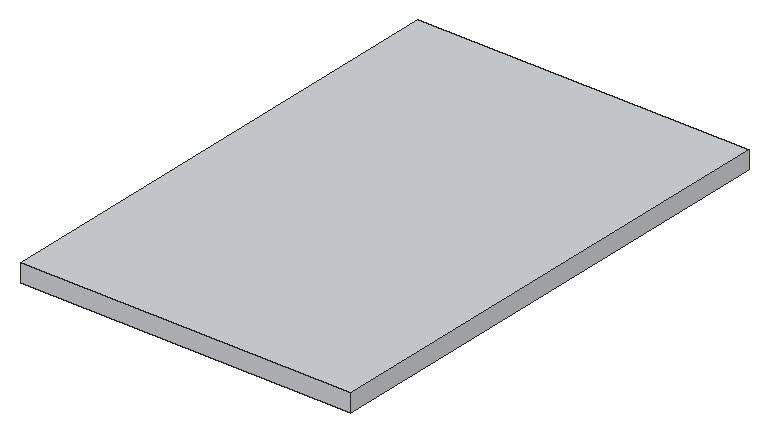
Revit family "MAXI400xWSxx", category Leuchten, Revit 2020
Family settings
  Basisbauteil = Fläche
  Bemaßung runder Anschluss = Durchmesser verwenden
  Teiletyp = Normal
  OmniClass-Nummer = 23.80.70.11
  OmniClass-Titel = Luminaries for Internal Lighting
  Beim Laden mit Abzugskörper schneiden = Nein
  Lichtquelle = Ja
  Gemeinsam genutzt = Nein
  Raumberechnungspunkt = Nein
Parameters (values of type "MAXI400DAWS830LSR0300")
  width = 400 mm  # constant formula
  weight = "2.2 kg"  # constant formula
  voltage type (AC, DC, UC) = "AC"
  rated input power = 29
  product name = "MAXI400DAWS830LSR0300"
  nominal voltage = "230"
  nominal frequency = "50-60Hz"
  length = 400 mm  # constant formula
  ingress protection (IP) code = "IP20"
  height = 114 mm  # constant formula
  electrical safety class = "1"
  control gear = ""
  conformity mark = "CE"  # constant formula
  brand = "RIDI"
  approval mark = ""
  built-in parameter 1150104 = 13.8 (stored number, unit not read)
  Wattage = 20.7349 W
  Von Kreisdurchmesser aussenden = 394 mm
  Default Elevation = 0 mm
  built-in parameter 1150113 = 1 (stored number, unit not read)
  built-in parameter 1114218 = 1 (stored number, unit not read)
  URL = "www.ridi.de"
  built-in parameter 1150134 = (empty or 0)
  built-in parameter 1150109 = 1 (stored number, unit not read)
  built-in parameter 1150110 = 1 (stored number, unit not read)
  Apparent Load = 29 VA
  Tilt Angle = 90.00°
  Modell = "0637946"
  built-in parameter 1114217 = 1 (stored number, unit not read)
  built-in parameter 1150139 = (empty or 0)
  built-in parameter 1150105 = 245.1 (stored number, unit not read)
  built-in parameter 1150114 = 1 (stored number, unit not read)
  Lumens = 3080 lm
  built-in parameter 1150115 = 1 (stored number, unit not read)
  built-in parameter 1150112 = 1 (stored number, unit not read)
  Lampe = "LED"
  Hersteller = "RIDI Leuchten GmbH"  # constant formula
  Dimming Lamp Color Temperature Shift = (empty or 0)
  Color Filter = 16777215
  built-in parameter 1150133 = 10 (stored number, unit not read)
  Emit Shape Visible in Rendering = no
  built-in parameter 1150137 = (empty or 0)
  built-in parameter 1150132 = 2
  Datei für fotometrisches Netz = "MAXI-LSR_WEISS.IES"
  Copyright = "© RIDI. All rights reserved."  # constant formula
  built-in parameter 1150106 = 2.451 (stored number, unit not read)
  Baugruppenkennzeichen = "D5020200"
  built-in parameter 1150107 = 3000 (stored number, unit not read)
  built-in parameter 1150102 = (empty or 0)
  built-in parameter 1150138 = (empty or 0)
Reference planes
  plane 1 "Mitte (Vorne/hinten)": y = 0
  plane 2: z = 0
  plane 3 "Mitte (Links/rechts)": x = 0
Forms (mm)
  Extrusion 1, solid
    sketch origin (219.2, 280.8, 0) x (1, 0, 0) y (0, 1, 0)
      loop
        line (-1219.2, 1219.2) -> (-1219.2, -1780.8) -> (780.8, -1780.8) -> (780.8, 1219.2) -> (-1219.2, 1219.2)
    from 0 to -107.307
Dimensions and locks
  aligned and locked: plane 2 to Extrusion 1
  aligned and locked: imposter light to plane 3 "Mitte (Links/rechts)"
  aligned and locked: imposter light to import instance
  aligned and locked: import instance to Extrusion 1
Connectors
  electrical at (-56.569, -20.738, 4.25), driven by "Apparent Load"
    settings: on import instance, index 1, voltage 230 V, apparent load 0 VA, apparent load phase1 29 VA, apparent load phase2 0 VA, apparent load phase3 0 VA, power factor 1, load classification "Lighting", number of poles 1, system type 31, power factor state 1, is connector primary yes, connector utility no, sub classification motor no, connector description ""
